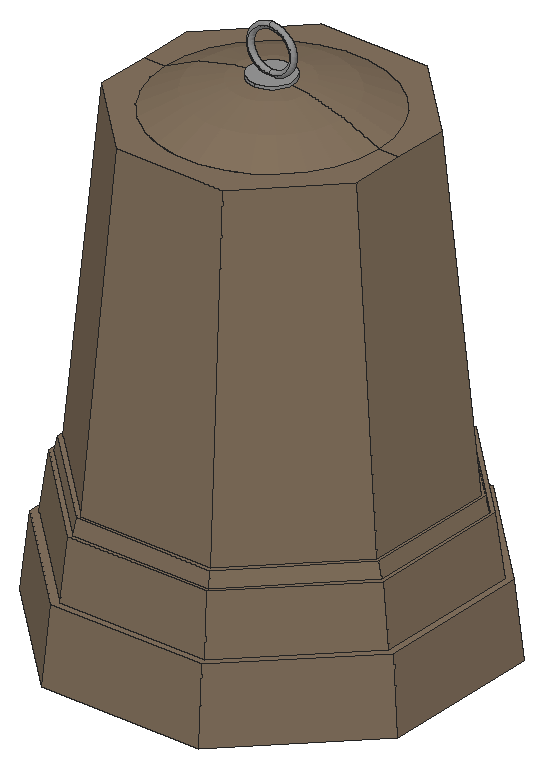
Revit family "ogranichitel_peterburg", category Антураж, Revit 2017
Family settings
  На основе рабочей плоскости = Нет
  Всегда вертикально = Да
  При загрузке вырезать с полостями = Нет
  Источник визуального образа = Геометрия семейства
  Общий = Нет
  Точка расчета площади = Нет
Parameters (values of type ""Петербург" Крымский берег")
  Ширина = 530 mm
  Производитель = "ГК Очаковский комбинат ЖБИ"  # constant formula
  Позиция = ""
  Поверхность = ""
  Площадь [instance] = 1.253 m²
  Описание изделия [instance] = "Дорожные ограничители, выполняя свою прикладную задачу по выделению пешеходных или парковочных зон, могут также существенно дополнять архитектурное решение благоустраиваемой территории. Одним из таких изделий-ограничителей является «Петербург». Использование столбиков данного типа неминуемо несёт настроение старинных основательных зданий, передавая особенности архитектуры северной столицы."
  Объем бетона = 0.083 m³
  Обозначение = ""
  Наименование = "Ограничитель \"Петербург\""
  Морозостойкость [instance] = "F150"
  Материал крепления = Сталь
  Материал = Очаковский_Крымский_берег
  Масса [instance] = 208.00 kg
  Класс бетона [instance] = "В30"
  Защитное покрытие [instance] = 0.998
  Длина = 530 mm
  Watermarked By = ""
  Высота = 690 mm
  Водонепроницаемость [instance] = "W8"
  URL = "http://file-system.ru/catalog/blagoustroystvo/blagoustroystvo_goroda/ograzhdeniya/klassika/peterburg_ogranichitel_/"
Types (10, lengths in mm): name | Материал | URL
  (no name) | Очаковский_Крымский_берег | "http://file-system.ru/catalog/blagoustroystvo/blagoustroystvo_goroda/ograzhdeniya/klassika/peterburg_ogranichitel_/"
  "Петербург" Белый | Очаковский_Белый | 0
  "Петербург" Белый шелк | Очаковский_Белый_Шелк | 0
  "Петербург" Крымский берег | Очаковский_Крымский_берег | "http://file-system.ru/catalog/blagoustroystvo/blagoustroystvo_goroda/ograzhdeniya/klassika/peterburg_ogranichitel_/"
  "Петербург" Морская соль | Очаковский_Морская_соль | 0
  "Петербург" Московский гравий | Очаковский_Московский_гравий | 0
  "Петербург" Светло-серый | Очаковский_Светло-серый | 0
  "Петербург" Черный глянец | Очаковский_Черный_глянец | 0
  "Петербург" Черный шелк | Очаковский_Черный_шелк | 0
  "Петербург" Шахматка | Очаковский_Шахматка | 0
Reference planes
  plane 1 "По центру (Вперед/Назад)": y = 0
  plane 2: z = 0
  plane 3 "По центру (Влево/Вправо)": x = 0
  plane 4: z = 690
  plane 5: z = 100
  plane 6: z = 180
  plane 7: z = 650
  plane 8: z = 200
  plane 9: x = 265
  plane 10: x = -265
  plane 11: y = -265
  plane 12: y = 265
Forms (mm)
  Blend 1, solid, material "Очаковский_Крымский_берег" <- "Материал", detail levels medium+fine
    base sketch origin (-310.925, -2147.431, 0) x (1, 0, 0) y (0, 1, 0)
      loop
        line (201.158, 2412.431) -> (45.925, 2257.197) -> (45.925, 2037.664) -> (201.158, 1882.431) -> (420.692, 1882.431) -> (575.925, 2037.664) -> (575.925, 2257.197) -> (420.692, 2412.431) -> (201.158, 2412.431)
    top sketch origin (-310.925, -2147.431, 0) x (1, 0, 0) y (0, 1, 0)
      loop
        line (205.301, 2402.431) -> (55.925, 2253.055) -> (55.925, 2041.806) -> (205.301, 1892.431) -> (416.55, 1892.431) -> (565.925, 2041.806) -> (565.925, 2253.055) -> (416.55, 2402.431) -> (205.301, 2402.431)
    from 0 to 100
  Blend 2, solid, material "Очаковский_Крымский_берег" <- "Материал", detail levels medium+fine
    base sketch origin (835.919, -1524, 100) x (0, -1, 0) y (1, 0, 0)
      loop
        line (-1769, -734.436) -> (-1769, -937.401) -> (-1625.482, -1080.919) -> (-1422.518, -1080.919) -> (-1279, -937.401) -> (-1279, -734.436) -> (-1422.518, -590.919) -> (-1625.482, -590.919) -> (-1769, -734.436)
    top sketch origin (835.919, -1524, 100) x (0, -1, 0) y (1, 0, 0)
      loop
        line (-1759, -738.578) -> (-1759, -933.259) -> (-1621.34, -1070.919) -> (-1426.66, -1070.919) -> (-1289, -933.259) -> (-1289, -738.578) -> (-1426.66, -600.919) -> (-1621.34, -600.919) -> (-1759, -738.578)
    from 0 to 80
  Blend 3, solid, material "Очаковский_Крымский_берег" <- "Материал", detail levels medium+fine
    base sketch origin (835.919, -1524, 180) x (0, -1, 0) y (1, 0, 0)
      loop
        line (-1754, -740.65) -> (-1754, -931.188) -> (-1619.269, -1065.919) -> (-1428.731, -1065.919) -> (-1294, -931.188) -> (-1294, -740.65) -> (-1428.731, -605.919) -> (-1619.269, -605.919) -> (-1754, -740.65)
    top sketch origin (835.919, -1524, 180) x (0, -1, 0) y (1, 0, 0)
      loop
        line (-1749, -742.721) -> (-1749, -929.117) -> (-1617.198, -1060.919) -> (-1430.802, -1060.919) -> (-1299, -929.117) -> (-1299, -742.721) -> (-1430.802, -610.919) -> (-1617.198, -610.919) -> (-1749, -742.721)
    from 0 to 20
  Blend 4, solid, material "Очаковский_Крымский_берег" <- "Материал", detail levels medium+fine
    base sketch origin (835.919, -1524, 200) x (0, -1, 0) y (1, 0, 0)
      loop
        line (-1744, -744.792) -> (-1744, -927.046) -> (-1615.127, -1055.919) -> (-1432.873, -1055.919) -> (-1304, -927.046) -> (-1304, -744.792) -> (-1432.873, -615.919) -> (-1615.127, -615.919) -> (-1744, -744.792)
    top sketch origin (835.919, -1524, 200) x (0, -1, 0) y (1, 0, 0)
      loop
        line (-1699, -763.431) -> (-1699, -908.406) -> (-1596.487, -1010.919) -> (-1451.513, -1010.919) -> (-1349, -908.406) -> (-1349, -763.431) -> (-1451.513, -660.919) -> (-1596.487, -660.919) -> (-1699, -763.431)
    from 0 to 490
  Revolve 5, void
    sketch origin (0, 0, 0) x (1, 0, 0) y (0, 0, 1)
      loop
        arc (0, 690) -> (77.426, 679.827) -> (149.596, 650) r 299.736
        line (149.596, 650) -> (254.596, 650) -> (250.41, 690) -> (0, 690)
      axis (0, 690) -> (0, 650)
    angle from 0 to 360
  Revolve 6, solid, material "Сталь" <- "Материал крепления", detail levels fine
    sketch origin (0, 0, 0) x (0, 1, 0) y (0, 0, 1)
      loop
        circle (0, 693) r 4
      axis (-4, 723) -> (4, 723)
    angle from 0 to 360
  Extrusion 7, solid, material "Сталь" <- "Материал крепления", detail levels fine
    sketch origin (400, -1524, 690) x (0, -1, 0) y (-1, 0, 0)
      loop
        circle (-1524, 400) r 30
    from 1 to -3
Cuts and joins
  Revolve 5 cuts Blend 4
Dimensions and locks
  "Высота": plane 4 to plane 2
  equal spacing: plane 10, plane 3 "По центру (Влево/Вправо)", plane 9
  "Длина": plane 10 to plane 9
  equal spacing: plane 12, plane 1 "По центру (Вперед/Назад)", plane 11
  "Ширина": plane 12 to plane 11
  aligned and locked: level to plane 2
  aligned and locked: Blend 1 to plane 5
  aligned and locked: Blend 2 to plane 6
  aligned and locked: Blend 3 to plane 8
  aligned and locked: Blend 4 to plane 4
  aligned and locked: Blend 1 to plane 12
  aligned and locked: plane 11 to Blend 1
  aligned and locked: Blend 1 to plane 9
  aligned and locked: plane 10 to Blend 1
  aligned and locked: plane 3 "По центру (Влево/Вправо)" to nested 1
  aligned and locked: plane 1 "По центру (Вперед/Назад)" to nested 1
Automatic sketch dimensions
  Revolve 6 sketch curve to plane 1 "По центру (Вперед/Назад)" = 0 mm
  Revolve 6 sketch curve to plane 4 = 3 mm
  plane 1 "По центру (Вперед/Назад)" to Revolve 6 sketch curve = 12.585 mm
  Revolve 6 sketch curve to plane 1 "По центру (Вперед/Назад)" = 17.415 mm
  Revolve 6 sketch curve to plane 4 = 33 mm
  plane 1 "По центру (Вперед/Назад)" to Extrusion 7 sketch curve = 0 mm
  Extrusion 7 sketch curve to plane 3 "По центру (Влево/Вправо)" = 0 mm
  Revolve 5 sketch curve to plane 3 "По центру (Влево/Вправо)" = 0 mm  (x2)
  Revolve 5 sketch curve to plane 7 = 0 mm
  Revolve 5 sketch curve to plane 4 = 0 mm
  Revolve 5 sketch curve to plane 9 = 14.59 mm
  Revolve 5 sketch curve to plane 9 = 10.404 mm
  Revolve 5 sketch curve to plane 8 = 190.264 mm
  Revolve 5 sketch curve to level = 366.045 mm
  Revolve 5 sketch curve to plane 4 = 1524.315 mm
  radius of Revolve 6 sketch curve = 4 mm
  radius of Extrusion 7 sketch curve = 30 mm
Nested families
  nested 1: "МАФ Прямоугольный низкая дет" at (0, 0, 0), Высота <- "Высота", Длина <- "Длина", Ширина <- "Ширина", type "МАФ Прямоугольный низкая дет"
    with Ширина 530 mm, Длина 530 mm, Высота 690 mm
Definition of nested family "МАФ Прямоугольный низкая дет"
  Parameters (values of type "МАФ Прямоугольный низкая дет")
    Ширина [instance] = 200 mm
    Длина [instance] = 400 mm
    Высота [instance] = 600 mm
    Watermarked By = ""
    Type Comments = "﻿﻿         ​​    ​​​   ​​​ ​     ​ ​   ​ ​   ​ ​   ﻿         ﻿       ﻿   ﻿                                          ​           ​ ﻿               ﻿         ​         ﻿﻿"
    Keynote = "﻿﻿         ​​    ​​​   ​​​ ​     ​ ​   ​ ​   ​ ​   ﻿         ﻿       ﻿   ﻿                                          ​           ​ ﻿               ﻿         ​         ﻿﻿"
    Description = "﻿﻿         ​​    ​​​   ​​​ ​     ​ ​   ​ ​   ​ ​   ﻿         ﻿       ﻿   ﻿                                          ​           ​ ﻿               ﻿         ​         ﻿﻿"
    Assembly Code = "﻿﻿         ​​    ​​​   ​​​ ​     ​ ​   ​ ​   ​ ​   ﻿         ﻿       ﻿   ﻿                                          ​           ​ ﻿               ﻿         ​         ﻿﻿"
  Reference planes
    plane 1 "По центру (Вперед/Назад)": y = 0
    plane 2: z = 0
    plane 3 "По центру (Влево/Вправо)": x = 0
    plane 4: x = -200
    plane 5: x = 200
    plane 6: y = -100
    plane 7: y = 100
    plane 8: z = 600
  Forms (mm)
    Extrusion 1, solid, detail levels coarse
      sketch origin (0, 0, 0) x (1, 0, 0) y (0, 1, 0)
        loop
          line (-200, 100) -> (-200, -100) -> (200, -100) -> (200, 100) -> (-200, 100)
      from 0 to 600
  Dimensions and locks
    equal spacing: plane 6, plane 1 "По центру (Вперед/Назад)", plane 7
    "Ширина": plane 6 to plane 7
    equal spacing: plane 4, plane 3 "По центру (Влево/Вправо)", plane 5
    "Длина": plane 4 to plane 5
    "Высота": plane 8 to level
    aligned and locked: level to plane 2
    aligned and locked: Extrusion 1 sketch curve to plane 5
    aligned and locked: Extrusion 1 sketch curve to plane 7
    aligned and locked: Extrusion 1 sketch curve to plane 6
    aligned and locked: Extrusion 1 sketch curve to plane 4
    aligned and locked: plane 8 to Extrusion 1
  Automatic sketch dimensions
    Extrusion 1 sketch curve to plane 5 = 0 mm
